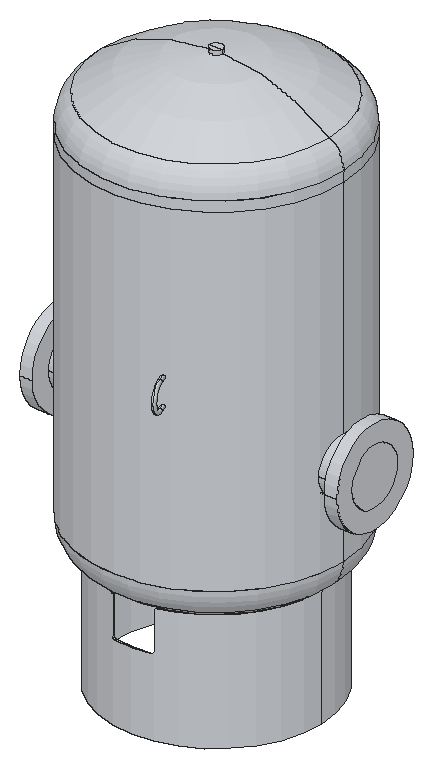
Revit family "CWBT300-8-125", category Mechanical Equipment, Revit 2014
Parameters (values of type "CWBT300-8-125")
  Tank Weight = "801 lbs."
  Tank Volume = "300 Gal"
  Tank Height = "80 3/8\""
  Tank Diameter = "36\""
  Note = "All dimensions and weights are approximate"
  Maximum Acceptance Volume = "N/A"
  Max Operating Temp = "450° F"
  Max Operating Pressure = "125 psi"
  Connector Size = "8\""
Reference planes (in)
  plane 1 "Center (Front/Back)": y = 0
  plane 2: z = 0
  plane 3 "Center (Left/Right)": x = 0
Forms (in)
  Extrusion 1, solid
    sketch origin (0, 0, 0) x (1, 0, 0) y (0, 1, 0)
      loop
        circle (0, 0) r 15
      loop
        circle (0, 0) r 14.8125
    from 0 to 17
  Extrusion 2, void
    sketch origin (0, 0, 0) x (1, 0, 0) y (0, 0, 1)
      loop
        arc (-3.4137, 17) -> (-3.12117, 16.87883) -> (-3, 16.5863) r 0.4137
        line (-3, 16.5863) -> (-3, 11.4137)
        arc (-3, 11.4137) -> (-2.87883, 11.12117) -> (-2.5863, 11) r 0.4137
        line (-2.5863, 11) -> (2.5863, 11)
        arc (2.5863, 11) -> (2.87883, 11.12117) -> (3, 11.4137) r 0.4137
        line (3, 11.4137) -> (3, 16.5863)
        arc (3, 16.5863) -> (3.12117, 16.87883) -> (3.4137, 17) r 0.4137
        line (3.4137, 17) -> (-3.4137, 17)
    from 0 to 22
  Extrusion 3, void
    sketch origin (0, 0, 0) x (1, 0, 0) y (0, 0, 1)
      loop
        line (-6, 17) -> (-6, 2.4137)
        arc (-6, 2.4137) -> (-5.87883, 2.12117) -> (-5.5863, 2) r 0.4137
        line (-5.5863, 2) -> (5.5863, 2)
        arc (5.5863, 2) -> (5.87883, 2.12117) -> (6, 2.4137) r 0.4137
        line (6, 2.4137) -> (6, 17) -> (-6, 17)
    from 0 to -22
  Revolve 4, solid
    sketch origin (0, 0, 0) x (1, 0, 0) y (0, 0, 1)
      loop
        line (0, 80.88747) -> (0, 12.12508) -> (0.86995, 12.12508) -> (0.86995, 12.65854)
        arc (0.86995, 12.65854) -> (8.06101, 14.12343) -> (14.8125, 17) r 36.42607
        arc (14.8125, 17) -> (15.50353, 17.46465) -> (16.17999, 17.95027) r 27.14946
        arc (16.17999, 17.95027) -> (17.56016, 19.61914) -> (18.082, 21.72098) r 4.87859
        line (18.082, 21.72098) -> (18.082, 70.01255) -> (18.082, 71.42911)
        arc (18.082, 71.42911) -> (17.55638, 73.46039) -> (16.17999, 75.04403) r 4.57937
        arc (16.17999, 75.04403) -> (8.93532, 78.87388) -> (0.87927, 80.37483) r 27.22942
        line (0.87927, 80.37483) -> (0.87927, 80.88747) -> (0, 80.88747)
      axis (0, 80.88747) -> (0, 12.12508)
    angle from 0 to 360
  Sweep 5, solid
    path origin (0.28232, -0.14569, 0.00841) x (0.321915, -0.946769, 0) y (0, 0, 1)
      loop
        line (17.83546, 48.42089) -> (18.83546, 48.42089)
        arc (18.83546, 48.42089) -> (20.71046, 46.54589) -> (18.83546, 44.67089) r 1.875
        line (18.83546, 44.67089) -> (17.83546, 44.67089)
    profile origin (6.18478, -17.50513, 48.4293) x (0, 0, 1) y (-0.946769, -0.321915, 0)
      loop
        circle (0, 0) r 0.25
  Extrusion 6, solid
    sketch origin (0, 0, 0) x (0, 1, 0) y (0, 0, 1)
      loop
        circle (0, 34.125) r 3.9905
    from 0 to 22.5
  Extrusion 7, solid
    sketch origin (0, 0, 0) x (0, 1, 0) y (0, 0, 1)
      loop
        circle (0, 34.125) r 3.9905
    from 0 to -22.5
  Extrusion 8, solid
    sketch origin (0, 0, 0) x (0, 1, 0) y (0, 0, 1)
      loop
        circle (0, 34.125) r 6.75
    from -20.75 to -22.5
  Extrusion 9, solid
    sketch origin (0, 0, 0) x (0, 1, 0) y (0, 0, 1)
      loop
        circle (0, 34.125) r 6.75
    from 20.75 to 22.5
Cuts and joins
  Extrusion 2, Extrusion 3 cuts Extrusion 1
Dimensions and locks (in)
  aligned and locked: level to plane 2
